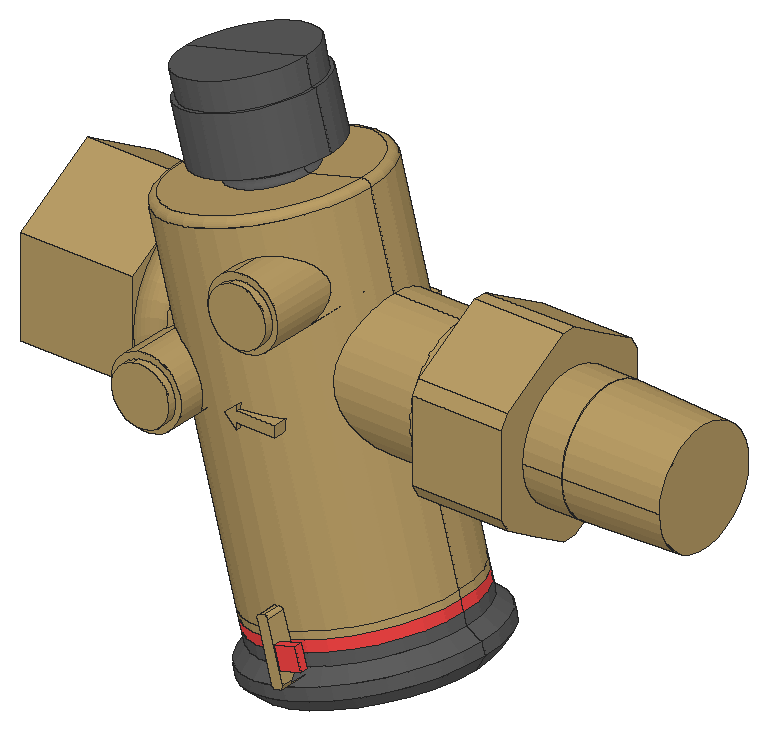
Revit family "M_Valve_Control_MEPcontent_Oventrop_Cocon QTZ Female-Coupling 1145", category Pipe Accessories, Revit 2015
Parameters (values of type "DN 32 (600-3600)")
  r3 = SW1_2 / 2 - Ra2  # 5.037 mm
  r2 = 2.000 mm  # constant formula
  r1 = Lb3 * 2 / 3  # 1.000 mm
  d3 = 8.000 mm  # constant formula
  d2 = 2.000 mm  # constant formula
  d1 = 5.000 mm  # constant formula
  Wholesaler Art. No. = ""
  Wholesaler = ""
  Watermarked By = "www.stabiplan.com"
  Use Nominal Diameter [instance] = yes
  built-in parameter 1114242 [instance] = 1
  URL = "www.stabiplan.com"
  Stabu Code = ""
  Revit Version = "2015"  # constant formula
  Product Line = "Oventrop"  # constant formula
  SW2_2 = SW1_2 / sqrt(3 / 4)  # 51.962 mm
  SW2_1_051 = SW2_1_05 - 1.000 mm  # 24.981 mm
  SW2_1_05 = SW2_1 / 2  # 25.981 mm
  SW2_1 = SW1_1 / sqrt(3 / 4)  # 51.962 mm
  SW1_2 = 45.000 mm
  SW1_1 = SW1_2  # 45.000 mm
  Rv4 = Rv1 - 1.000 mm  # 5.000 mm
  Rv3 = (Rv1 + Rv2) / 2  # 7.700 mm
  Rv2 = 9.400 mm  # constant formula
  Rv1 = 6.000 mm  # constant formula
  Red = Color RGB 255-0-0
  Rb5 = Rb4 + 1.000 mm  # 17.500 mm
  Rb4 = 16.500 mm  # constant formula
  Rb3 = 9.000 mm  # constant formula
  Rb2 = Rb1 + (Hb5 / 3)  # 30.158 mm
  Rb1b = Rb1 + 1.000 mm  # 27.825 mm
  Rb1 = (Height1 + Height2) * 18.500 mm / 100.000 mm  # 26.825 mm
  Ra2 = if(NominalDiameter1 > NominalDiameter2, (NominalDiameter1 * 22 / 20) / 2, (NominalDiameter2 * 22 / 20) / 2)  # 17.463 mm
  Ra1b = Ra1 - 1.000 mm  # 14.875 mm
  Ra1 = NominalRadius1  # 15.875 mm
  Pressure Drop = 0.0 Pa
  OuterRadius1 [instance] = OuterDiameter1 / 2  # 21.200 mm
  OuterDiameter1 = 42.400 mm
  NominalRadius2 = NominalRadius1  # 15.875 mm
  NominalRadius1 = 15.875 mm
  NominalRadius [instance] = if(Use Nominal Diameter, NominalRadius1, OuterRadius1)  # 15.875 mm
  NominalDiameter2 = NominalRadius2 * 2  # 31.750 mm
  NominalDiameter1 = NominalRadius1 * 2  # 31.750 mm
  Model = "Cocon QTZ Female-Coupling 1145"
  Manufacturer = "Oventrop"  # constant formula
  MEPcontent Class = "VALVE_CONTROL"  # constant formula
  Lb8 = Rb1 * 13 / 18.5  # 18.850 mm
  Lb3 = 1.500 mm  # constant formula
  Lb2 = 5.000 mm  # constant formula
  Lb1 = Rb1 / 2  # 13.413 mm
  Language = ""
  LMx = L5 + (Rb1 / sin(Angle)) + 1.000 mm  # 58.934 mm
  L5 = NominalDiameter2 * 19 / 20  # 30.163 mm
  L4 = NominalDiameter1 * 15 / 20  # 23.812 mm
  L3 = NominalDiameter1 * 16 / 20  # 25.400 mm
  Length2 = 165.000 mm
  L1_2 = Length1 + 5.000 mm  # 129.000 mm
  Length1 = 124.000 mm
  Internal Art. No. = ""
  IFCExportType = "REGULATING"
  IFCExportAs = "IfcValveType"
  Hb9 = 17.000 mm  # constant formula
  Hb8 = 2.000 mm  # constant formula
  Hb7 = 2.000 mm  # constant formula
  Hb6 = 6.000 mm  # constant formula
  Hb5 = 10.000 mm  # constant formula
  Hb4 = 5.000 mm  # constant formula
  Hb3 = 15.000 mm  # constant formula
  Hb2 = 7.000 mm  # constant formula
  Hb1 = (H4 - Hb2 - Hb3 - Hb4) / 2  # 18.400 mm
  H6 = 74.600 mm
  H5 = Rb1 / tan(Angle)  # 7.188 mm
  H4 = 63.800 mm
  H3 = Rb4 / tan(Angle)  # 4.421 mm
  Height2 = 79.000 mm
  Height1 = 66.000 mm
  GTIN = "4026755347579"
  Function Code [instance] = ""
  Family Version = "10.14"  # constant formula
  ETIM Article Class = "EC011435"
  EMCS Version = "2.0"  # constant formula
  Description = "Flow control valve - without pressure test points"  # constant formula
  Manufacturer URL = "http://www.oventrop.de/ArticleInfo.aspx?art=1145610"
  Custom = no
  Copyright = "© Stabiplan International BV"  # constant formula
  Content Supplier URL = "www.mepcontent.eu"
  CB-NL Class = ""
  Brass = Color RGB 168-128-48
  Black = Color RGB 35-35-35
  Article Type = "Cocon QTZ Female-Coupling 1145"  # constant formula
  Article Description = "Flow control valve - without pressure test points"  # constant formula
  Arrow_2 = Rb1 / 6  # 4.471 mm
  Arrow_1 = Rb1 / 4  # 6.706 mm
  Angle = 75.00°  # constant formula
  Manufacturer Art. No. = "1145610"
Types (7, lengths in mm): name | r3 | SW2_2 | SW2_1_051 | SW2_1_05 | SW2_1 | SW1_2 | SW1_1 | Rb2 | Rb1b | Rb1 | Ra2 | Ra1b | Ra1 | OuterRadius1 | OuterDiameter1 | NominalRadius2 | NominalRadius1 | NominalRadius | NominalDiameter2 | NominalDiameter1 | Lb8 | Lb1 | LMx | L5 | L4 | L3 | Length2 | L1_2 | Length1 | Hb1 | H6 | H5 | H4 | Height2 | Height1 | GTIN | Manufacturer URL | Arrow_2 | Arrow_1 | Manufacturer Art. No.
  DN 20 (150-1050) | 4.522 | 34.641 | 16.321 | 17.321 | 34.641 | 30.000 | 30.000 | 21.833 | 19.500 | 18.500 | 10.478 | 8.525 | 9.525 | 13.450 | 26.900 | 9.525 | 9.525 | 9.525 | 19.050 | 19.050 | 13.000 | 9.250 | 38.250 | 18.098 | 14.288 | 15.240 | 106.000 | 79.000 | 74.000 | 11.200 | 44.700 | 4.957 | 49.400 | 48.000 | 52.000 | "4026755347517" | "http://www.oventrop.de/ArticleInfo.aspx?art=1145506" | 3.083 | 4.625 | "1145506"
  DN 15 (30-210) | 5.015 | 27.713 | 12.856 | 13.856 | 27.713 | 24.000 | 24.000 | 21.833 | 19.500 | 18.500 | 6.985 | 5.350 | 6.350 | 10.650 | 21.300 | 6.350 | 6.350 | 6.350 | 12.700 | 12.700 | 13.000 | 9.250 | 32.218 | 12.065 | 9.525 | 10.160 | 98.500 | 75.000 | 70.000 | 11.200 | 44.700 | 4.957 | 49.400 | 48.000 | 52.000 | "4026755347500" | "http://www.oventrop.de/ArticleInfo.aspx?art=1145504" | 3.083 | 4.625 | "1145504"
  DN 20 (180-1300) | 4.522 | 34.641 | 16.321 | 17.321 | 34.641 | 30.000 | 30.000 | 24.146 | 21.813 | 20.813 | 10.478 | 8.525 | 9.525 | 13.450 | 26.900 | 9.525 | 9.525 | 9.525 | 19.050 | 19.050 | 14.625 | 10.406 | 40.644 | 18.098 | 14.288 | 15.240 | 117.500 | 90.500 | 85.500 | 14.300 | 50.900 | 5.577 | 55.600 | 54.500 | 58.000 | "4026755347555" | "http://www.oventrop.de/ArticleInfo.aspx?art=1145606" | 3.469 | 5.203 | "1145606"
  DN 25 (300-2000) | 4.030 | 41.569 | 19.785 | 20.785 | 41.569 | 36.000 | 36.000 | 30.158 | 27.825 | 26.825 | 13.970 | 11.700 | 12.700 | 16.850 | 33.700 | 12.700 | 12.700 | 12.700 | 25.400 | 25.400 | 18.850 | 13.413 | 52.901 | 24.130 | 19.050 | 20.320 | 154.000 | 123.000 | 118.000 | 18.400 | 74.600 | 7.188 | 63.800 | 79.000 | 66.000 | "4026755347562" | "http://www.oventrop.de/ArticleInfo.aspx?art=1145608" | 4.471 | 6.706 | "1145608"
  DN 32 (600-3600) | 5.037 | 51.962 | 24.981 | 25.981 | 51.962 | 45.000 | 45.000 | 30.158 | 27.825 | 26.825 | 17.463 | 14.875 | 15.875 | 21.200 | 42.400 | 15.875 | 15.875 | 15.875 | 31.750 | 31.750 | 18.850 | 13.413 | 58.934 | 30.163 | 23.812 | 25.400 | 165.000 | 129.000 | 124.000 | 18.400 | 74.600 | 7.188 | 63.800 | 79.000 | 66.000 | "4026755347579" | "http://www.oventrop.de/ArticleInfo.aspx?art=1145610" | 4.471 | 6.706 | "1145610"
  DN 15 (90-450) | 5.015 | 27.713 | 12.856 | 13.856 | 27.713 | 24.000 | 24.000 | 21.833 | 19.500 | 18.500 | 6.985 | 5.350 | 6.350 | 10.650 | 21.300 | 6.350 | 6.350 | 6.350 | 12.700 | 12.700 | 13.000 | 9.250 | 32.218 | 12.065 | 9.525 | 10.160 | 98.500 | 75.000 | 70.000 | 11.200 | 44.700 | 4.957 | 49.400 | 48.000 | 52.000 | "4026755347548" | "http://www.oventrop.de/ArticleInfo.aspx?art=1145604" | 3.083 | 4.625 | "1145604"
  DN 15 (150-1050) | 5.015 | 27.713 | 12.856 | 13.856 | 27.713 | 24.000 | 24.000 | 21.833 | 19.500 | 18.500 | 6.985 | 5.350 | 6.350 | 10.650 | 21.300 | 6.350 | 6.350 | 6.350 | 12.700 | 12.700 | 13.000 | 9.250 | 32.218 | 12.065 | 9.525 | 10.160 | 98.500 | 75.000 | 70.000 | 11.200 | 44.700 | 4.957 | 49.400 | 48.000 | 52.000 | "4026755347623" | "http://www.oventrop.de/ArticleInfo.aspx?art=1145704" | 3.083 | 4.625 | "1145704"
Reference planes
  plane 1 "Center (Front/Back)": y = 0
  plane 2: z = 0
  plane 3 "Center (Left/Right)": x = 0
  plane 4: x = 57.1
  plane 5: x = -82.5
  plane 6: x = 82.5
  plane 7: x = 46.5
  plane 8: x = -57.1
  plane 9: x = -52.338
  plane 10: x = -23.566
  plane 11: x = 22.688
  plane 12: y = 22.5
  plane 13: y = -22.5
  plane 14: z = 25.981
  plane 15: z = -25.981
  plane 16: y = 22.5
  plane 17: y = -22.5
  plane 18: z = 25.981
  plane 19: z = -25.981
  plane 20: z = 17.463
  plane 21: z = 22.5
  plane 22: x = -47.3
  plane 23: x = 17.65
  plane 24: y = -26.825
  plane 25: y = -31.825
  plane 26: y = -41.825
  plane 27: y = -49.825
  plane 28: y = -29.825
  plane 29: x = -30.272
  plane 30: x = -16.86
  plane 31: y = 27.825
  plane 32: x = -10.154
  plane 33: z = -7
  plane 34: x = -20.213
  plane 35: x = -13.507
  plane 36: y = -27.825
  plane 37: y = -51.825
  plane 38: y = -53.825
  plane 39: y = -33.825
  plane 40: x = -28.55
  plane 41: x = 28.55
  plane 42: z = 48.481
  plane 43: z = 70.981
  plane 44: y = 45
  plane 45: y = 67.5
Forms (mm)
  Blend 1, solid, material "Color RGB 168-128-48" <- "Brass", detail levels fine
    base sketch origin (0, 0, 0) x (0, 1, 0) y (0, 0, 1)
      loop
        circle (0, 0) r 15.875
    top sketch origin (0, 0, 0) x (0, 1, 0) y (0, 0, 1)
      loop
        circle (0, 0) r 14.875
    from 57.1 to 82.5
  Extrusion 2, solid, material "Color RGB 168-128-48" <- "Brass", detail levels fine
    sketch origin (0, 0, 0) x (0, 1, 0) y (0, 0, 1)
      loop
        circle (0, 0) r 15.875
    from 46.5 to 57.1
  Extrusion 3, solid, material "Color RGB 168-128-48" <- "Brass", detail levels fine
    sketch origin (0, 0, 0) x (0, 1, 0) y (0, 0, 1)
      loop
        circle (0, 0) r 17.463
    from -57.1 to -52.338
  Extrusion 4, solid, material "Color RGB 168-128-48" <- "Brass", detail levels fine
    sketch origin (0, 0, 0) x (0, 1, 0) y (0, 0, 1)
      loop
        line (0, 25.981) -> (-22.5, 12.99) -> (-22.5, -12.99) -> (0, -25.981) -> (22.5, -12.99) -> (22.5, 12.99) -> (0, 25.981)
    from 22.687 to 46.5
  Extrusion 5, void
    sketch origin (0, 0, 0) x (0, 1, 0) y (0, 0, 1)
      loop
        circle (0, 0) r 25.981
      loop
        circle (0, 0) r 24.981
    from 0 to 57.1
  Extrusion 6, solid, material "Color RGB 168-128-48" <- "Brass", detail levels fine
    sketch origin (0, 0, 0) x (0, 1, 0) y (0, 0, 1)
      loop
        line (0, 25.981) -> (-22.5, 12.99) -> (-22.5, -12.99) -> (0, -25.981) -> (22.5, -12.99) -> (22.5, 12.99) -> (0, 25.981)
    from -82.5 to -52.338
  Revolve 7, solid, material "Color RGB 35-35-35" <- "Black", detail levels fine
    sketch origin (-23.566, 0, 0) x (-0.258819, 0, 0.965926) y (-0.965926, 0, -0.258819)
      loop
        line (63.8, 0) -> (36.8, 0) -> (36.8, -10.667)
        arc (36.8, -10.667) -> (37.288, -9.488) -> (38.467, -9) r 1.667
        line (38.467, -9) -> (40.133, -9)
        arc (40.133, -9) -> (41.312, -9.488) -> (41.8, -10.667) r 1.667
        line (41.8, -10.667) -> (41.8, -17.5) -> (56.8, -17.5) -> (56.8, -16.5) -> (63.8, -16.5) -> (63.8, 0)
      axis (36.8, 0) -> (63.8, 0)
    angle from 0 to 360
  Revolve 8, solid, material "Color RGB 35-35-35" <- "Black", detail levels fine
    sketch origin (-23.566, 0, 0) x (-0.258819, 0, 0.965926) y (-0.965926, 0, -0.258819)
      loop
        line (-74.6, 0) -> (-74.6, -26.825) -> (-71.267, -30.158) -> (-67.933, -30.158) -> (-64.6, -26.825) -> (-61.6, -26.825) -> (-61.6, 0) -> (-74.6, 0)
      axis (-74.6, 0) -> (-61.6, 0)
    angle from 0 to 360
  Revolve 9, solid, material "Color RGB 255-0-0" <- "Red", detail levels fine
    sketch origin (-23.566, 0, 0) x (-0.258819, 0, 0.965926) y (-0.965926, 0, -0.258819)
      loop
        line (-61.6, 0) -> (-61.6, -26.825) -> (-58.6, -26.825) -> (-58.6, 0) -> (-61.6, 0)
      axis (-61.6, 0) -> (-58.6, 0)
    angle from 0 to 360
  Revolve 10, solid, material "Color RGB 168-128-48" <- "Brass", detail levels fine
    sketch origin (-23.566, 0, 0) x (-0.258819, 0, 0.965926) y (-0.965926, 0, -0.258819)
      loop
        line (-56.6, 0) -> (-58.6, 0) -> (-58.6, -26.825) -> (-56.6, -26.825) -> (-56.6, 0)
      axis (-58.6, 0) -> (-56.6, 0)
    angle from 0 to 360
  Revolve 11, solid, material "Color RGB 168-128-48" <- "Brass", detail levels fine
    sketch origin (-23.566, 0, 0) x (-0.258819, 0, 0.965926) y (-0.965926, 0, -0.258819)
      loop
        line (-56.6, 0) -> (-56.6, -26.825) -> (34.8, -26.825)
        arc (34.8, -26.825) -> (36.214, -26.239) -> (36.8, -24.825) r 2
        line (36.8, -24.825) -> (36.8, 0) -> (-56.6, 0)
      axis (-56.6, 0) -> (36.8, 0)
    angle from 0 to 360
  Revolve 12, solid, material "Color RGB 168-128-48" <- "Brass", detail levels fine
    sketch origin (0, 0, 0) x (1, 0, 0) y (0, 0, 1)
      loop
        line (-52.338, 22.5) -> (-57.1, 22.5) -> (-57.1, 0) -> (46.5, 0) -> (46.5, 22.5) -> (22.688, 22.5)
        arc (22.688, 22.5) -> (21.212, 18.938) -> (17.65, 17.463) r 5.037
        line (17.65, 17.463) -> (-47.3, 17.463)
        arc (-47.3, 17.463) -> (-50.862, 18.938) -> (-52.338, 22.5) r 5.038
      axis (-57.1, 0) -> (46.5, 0)
    angle from 0 to 360
  Extrusion 13, solid, material "Color RGB 168-128-48" <- "Brass", detail levels fine
    sketch origin (-23.566, 0, 0) x (-0.258819, 0, 0.965926) y (-0.965926, 0, -0.258819)
      loop
        circle (18.4, -13.412) r 9.4
      loop
        circle (-2, 18.85) r 9.4
    from 0 to 31.825
  Extrusion 14, solid, material "Color RGB 168-128-48" <- "Brass", detail levels fine
    sketch origin (-23.566, 0, 0) x (-0.258819, 0, 0.965926) y (-0.965926, 0, -0.258819)
      loop
        arc (-51.933, -1.5) -> (-51.226, -1.207) -> (-50.933, -0.5) r 1
        line (-50.933, -0.5) -> (-50.933, 0.5)
        arc (-50.933, 0.5) -> (-51.226, 1.207) -> (-51.933, 1.5) r 1
        line (-51.933, 1.5) -> (-66.933, 1.5)
        arc (-66.933, 1.5) -> (-67.64, 1.207) -> (-67.933, 0.5) r 1
        line (-67.933, 0.5) -> (-67.933, -0.5)
        arc (-67.933, -0.5) -> (-67.64, -1.207) -> (-66.933, -1.5) r 1
        line (-66.933, -1.5) -> (-51.933, -1.5)
    from 0 to 31.825
  Extrusion 15, solid, material "Color RGB 255-0-0" <- "Red", detail levels fine
    sketch origin (-23.566, 0, 0) x (-0.258819, 0, 0.965926) y (-0.965926, 0, -0.258819)
      loop
        line (-57.6, -1.5) -> (-63.6, -1.5) -> (-63.6, -7.329) -> (-57.6, -7.329) -> (-57.6, -1.5)
    from 29.825 to 31.825
  Extrusion 16, solid, material "Color RGB 168-128-48" <- "Brass", detail levels fine
    sketch origin (0, 0, 0) x (1, 0, 0) y (0, 0, 1)
      loop
        line (-10.154, 2.235) -> (-23.566, 2.235) -> (-23.566, 4.471) -> (-30.272, 0) -> (-23.566, -4.471) -> (-23.566, -2.235) -> (-10.154, -2.235) -> (-10.154, 2.235)
    from 0 to -27.825
  Extrusion 17, solid, material "Color RGB 168-128-48" <- "Brass", detail levels fine
    sketch origin (0, 0, 0) x (1, 0, 0) y (0, 0, 1)
      loop
        line (-23.566, -7) -> (-20.213, -9.981) -> (-20.213, -8.49) -> (-10.154, -8.49) -> (-10.154, -5.51) -> (-20.213, -5.51) -> (-20.213, -4.019) -> (-23.566, -7)
    from 0 to 27.825
  Extrusion 18, solid, material "Color RGB 168-128-48" <- "Brass", detail levels fine
    sketch origin (-23.566, 0, 0) x (-0.258819, 0, 0.965926) y (-0.965926, 0, -0.258819)
      loop
        circle (-2, 18.85) r 7.7
      loop
        circle (18.4, -13.413) r 7.7
    from 33.825 to 31.825
  Extrusion 19, void
    sketch origin (0, 0, 0) x (0, 1, 0) y (0, 0, 1)
      loop
        circle (0, 0) r 15.875
    from -57.1 to -82.5
Cuts and joins
  Extrusion 19 cuts Extrusion 3
  Extrusion 5, Extrusion 19 cuts Extrusion 4
  Extrusion 19 cuts Extrusion 6
  Extrusion 19 cuts Revolve 12
  joined: Extrusion 4, Extrusion 6, Revolve 12
  Extrusion 19 cuts Revolve 11
  Extrusion 19 cuts Extrusion 14
  Extrusion 19 cuts Extrusion 16
  Extrusion 19 cuts Extrusion 17
  joined: Revolve 11, Extrusion 14, Extrusion 16, Extrusion 17
  Extrusion 19 cuts Extrusion 13
Lines and regions (mm)
  reference lines
    curve 1: line (0, 45, 0) -> (0, 0, 25.981)
    curve 2: line (0, 0, -25.981) -> (0, -45, 0)
    curve 3: line (0, 0, 25.981) -> (0, -45, 0)
    curve 4: line (0, 45, 0) -> (0, 0, -25.981)
    curve 5: line (0, 0, 25.981) -> (0, -45, 0)
    curve 6: line (0, 0, -25.981) -> (0, 45, 0)
    curve 7: line (0, 0, 25.981) -> (0, 45, 0)
    curve 8: line (0, 0, -25.981) -> (0, -45, 0)
    curve 9: line (-23.566, 0, 0) -> (-45.566, 0, 82.104)
    curve 10: line (-23.566, 0, 0) -> (0.899, 0, -91.305)
    curve 11: line (-71.793, 0, 45.881) -> (-2.734, 0, 64.386)
    curve 12: line (1.148, 0, 49.897) -> (-67.911, 0, 31.392)
    curve 13: line (1.579, 0, 48.287) -> (-67.479, 0, 29.783)
    curve 14: line (2.011, 0, 46.677) -> (-67.048, 0, 28.173)
    curve 15: line (2.442, 0, 45.067) -> (-66.617, 0, 26.563)
    curve 16: line (7.204, 0, 27.294) -> (-61.854, 0, 8.79)
    curve 17: line (-4.546, 0, 71.147) -> (-73.605, 0, 52.643)
    curve 18: line (-42.443, 0, -63.655) -> (26.616, 0, -45.15)
    curve 19: line (-41.925, 0, -65.587) -> (27.134, 0, -47.082)
    curve 20: line (-41.149, 0, -68.484) -> (27.91, 0, -49.98)
    curve 21: line (-40.372, 0, -71.382) -> (28.686, 0, -52.878)
    curve 22: line (29.549, 0, -56.098) -> (-39.51, 0, -74.602)
    curve 23: line (31.275, 0, -62.537) -> (-37.784, 0, -81.041)
    curve 24: line (30.412, 0, -59.317) -> (-38.647, 0, -77.822)
    curve 25: line (-36.873, 0, 84.433) -> (-14.873, 0, 2.329)
    curve 26: line (-29.628, 0, 86.374) -> (-7.628, 0, 4.271)
    curve 27: line (-28.662, 0, 86.633) -> (-6.663, 0, 4.529)
    curve 28: line (2.345, 0, 6.943) -> (26.81, 0, -84.362)
    curve 29: line (5.564, 0, 7.806) -> (30.03, 0, -83.499)
    curve 30: line (-56.575, 0, -10.915) -> (12.484, 0, 7.589)
    curve 31: line (-43.7, 0, 2.309) -> (-40.299, 0, -10.383)
    curve 32: line (-15.089, 0, 20.183) -> (-9.136, 0, -2.033)
    curve 33: line (-10.228, 0, -43.982) -> (0.124, 0, -82.619)
    curve 34: line (-20.603, 0, -51.936) -> (-5.108, 0, -47.784)
    curve 35: line (-2.19, 0, -51.459) -> (1.552, 0, -65.426)
    curve 36: line (-42.184, 0, -64.621) -> (26.875, 0, -46.116)
  model lines, style "Accessories", detail levels coarse+medium
    curve 37: line (-57.1, 22.5, 0) -> (-57.1, -22.5, 0)
    curve 38: line (57.1, 22.5, 0) -> (57.1, -22.5, 0)
    curve 39: line (0, 0, 0) -> (0, 45, 0)
    curve 40: line (-28.55, 45, 0) -> (28.55, 45, 0)
    curve 41: line (28.55, 45, 0) -> (28.55, 67.5, 0)
    curve 42: line (28.55, 67.5, 0) -> (-28.55, 67.5, 0)
    curve 43: line (-28.55, 67.5, 0) -> (-28.55, 45, 0)
    curve 44: line (-57.1, 22.5, 0) -> (57.1, -22.5, 0)
    curve 45: line (57.1, 22.5, 0) -> (-57.1, -22.5, 0)
    curve 46: circle (0, 0, 0) r 15.875 normal (1, 0, 0)
    curve 47: line (-57.1, 0, 25.981) -> (-57.1, 0, -25.981)
    curve 48: line (57.1, 0, -25.981) -> (57.1, 0, 25.981)
    curve 49: line (0, 0, 48.481) -> (0, 0, 0)
    curve 50: line (-28.55, 0, 48.481) -> (28.55, 0, 48.481)
    curve 51: line (28.55, 0, 48.481) -> (28.55, 0, 70.981)
    curve 52: line (28.55, 0, 70.981) -> (-28.55, 0, 70.981)
    curve 53: line (-28.55, 0, 70.981) -> (-28.55, 0, 48.481)
    curve 54: line (-57.1, 0, 25.981) -> (57.1, 0, -25.981)
    curve 55: line (57.1, 0, 25.981) -> (-57.1, 0, -25.981)
Dimensions and locks
  "L3": plane 5 to plane 8
  "L3": plane 6 to plane 4
  "L5": plane 5 to plane 9
  "L1_2": plane 7 to plane 5
  "Length2": plane 6 to plane 5
  equal spacing: plane 4, plane 3 "Center (Left/Right)", plane 8
  "LMx": plane 5 to plane 10
  "L4": plane 7 to plane 11
  equal spacing: plane 14, level, plane 15
  "SW2_1": plane 14 to plane 15
  equal spacing: plane 12, plane 1 "Center (Front/Back)", plane 13
  "SW1_1": plane 12 to plane 13
  equal spacing: curve 2, plane 1 "Center (Front/Back)", curve 1
  "SW1_1": curve 2 to curve 1
  equal spacing: plane 18, level, plane 19
  "SW2_2": plane 19 to plane 18
  equal spacing: plane 16, plane 1 "Center (Front/Back)", plane 17
  "SW1_2": plane 16 to plane 17
  equal spacing: curve 6, plane 1 "Center (Front/Back)", curve 5
  "SW1_2": curve 5 to curve 6
  "Hb1": curve 16 to curve 10
  "H4": curve 17 to curve 10
  "Hb2": curve 17 to curve 11
  "Hb3": curve 12 to curve 11
  equal spacing: curve 12, curve 13, curve 14, curve 15
  "Hb4": curve 12 to curve 15
  "H6": curve 10 to curve 23
  "Hb5": curve 21 to curve 23
  equal spacing: curve 23, curve 24, curve 22, curve 21
  equal spacing: curve 21, curve 20, curve 19
  "Hb6": curve 21 to curve 19
  "Hb7": curve 19 to curve 18
  "Rb3": curve 25 to curve 9
  "Rb4": curve 26 to curve 9
  "Rb5": curve 27 to curve 9
  "Rb1": curve 28 to curve 9
  "Rb2": curve 29 to curve 9
  "Ra2": plane 20 to level
  "r3": plane 21 to plane 20
  "r3": plane 9 to plane 22
  "r3": plane 11 to plane 23
  "Hb8": curve 30 to curve 10
  "Lb8": curve 9 to curve 31
  "Lb1": curve 32 to curve 9
  "Rb1": plane 1 "Center (Front/Back)" to plane 24
  "d1": plane 24 to plane 25
  "d3": plane 39 to plane 26
  "d3": plane 26 to plane 27
  "Lb3": curve 33 to curve 9
  "Hb9": curve 22 to curve 34
  equal spacing: Extrusion 14 sketch curve, curve 10, curve 33
  equal spacing: curve 19, curve 36, curve 18
  "Hb6": Extrusion 15 sketch curve to curve 36
  "d2": plane 28 to plane 25
  locked: curve 16 to Extrusion 13 sketch curve
  locked: curve 31 to Extrusion 13 sketch curve at 0
  locked: Extrusion 13 sketch curve to curve 32 at 0
  "Arrow_1": plane 30 to plane 10
  "Arrow_1": Extrusion 16 sketch curve to Extrusion 16 sketch curve
  equal spacing: Extrusion 16 sketch curve, Extrusion 16 sketch curve, level, Extrusion 16 sketch curve, Extrusion 16 sketch curve
  "Rb1b": plane 31 to plane 1 "Center (Front/Back)"
  "Hb2": level to plane 33
  equal spacing: plane 32, plane 35, plane 30, plane 34, plane 10
  equal spacing: plane 30, plane 10, plane 29
  equal spacing: Extrusion 17 sketch curve, Extrusion 17 sketch curve, plane 33, Extrusion 17 sketch curve, Extrusion 17 sketch curve
  "Arrow_2": Extrusion 17 sketch curve to Extrusion 17 sketch curve
  "Rb1b": plane 1 "Center (Front/Back)" to plane 36
  "d2": plane 27 to plane 37
  "d2": plane 37 to plane 38
  "d2": plane 25 to plane 39
  locked: curve 30 to Extrusion 18 sketch curve at 0
  locked: curve 31 to Extrusion 18 sketch curve at 0
  locked: curve 32 to Extrusion 18 sketch curve at 0
  locked: curve 16 to Extrusion 18 sketch curve
  "SW1_1": plane 12 to plane 45
  equal spacing: plane 12, plane 44, plane 45
  "SW1_1": plane 43 to plane 14
  equal spacing: plane 43, plane 42, plane 14
  equal spacing: plane 41, plane 3 "Center (Left/Right)", plane 40, plane 8
  "Ra1": radius of Blend 1 sketch curve
  "Ra1b": radius of Blend 1 sketch curve
  "Ra1": radius of Extrusion 2 sketch curve
  "Ra2": radius of Extrusion 3 sketch curve
  "SW2_1_05": radius of Extrusion 5 sketch curve
  "SW2_1_051": radius of Extrusion 5 sketch curve
  "r2": radius of Revolve 11 sketch curve
  "Rv2": radius of Extrusion 13 sketch curve  (x2)
  "r1": radius of Extrusion 14 sketch curve  (x4)
  "Rv3": radius of Extrusion 18 sketch curve  (x2)
  "NominalRadius1": radius of curve 46
  "NominalRadius": radius of Extrusion 19 sketch curve
  "Angle": angle curve 9 to level
  locked: curve 11 to curve 9 (angle 90.00°)
  aligned and locked: level to plane 2
  aligned and locked: plane 6 to Blend 1
  aligned and locked: Blend 1 to plane 4
  aligned and locked: Extrusion 2 to plane 7
  aligned and locked: plane 4 to Extrusion 2
  aligned and locked: level to curve 1
  aligned and locked: plane 1 "Center (Front/Back)" to curve 1
  aligned and locked: Extrusion 4 sketch curve to curve 3
  aligned and locked: plane 13 to Extrusion 4 sketch curve
  aligned and locked: Extrusion 4 sketch curve to curve 2
  aligned and locked: Extrusion 4 sketch curve to curve 4
  aligned and locked: Extrusion 4 sketch curve to plane 12
  aligned and locked: curve 1 to Extrusion 4 sketch curve
  aligned and locked: plane 7 to Extrusion 4
  aligned and locked: Extrusion 4 to plane 11
  aligned and locked: plane 4 to Extrusion 5
  aligned and locked: Extrusion 5 to plane 3 "Center (Left/Right)"
  aligned and locked: plane 18 to curve 5
  aligned and locked: level to curve 5
  aligned and locked: Extrusion 6 sketch curve to curve 5
  aligned and locked: plane 17 to Extrusion 6 sketch curve
  aligned and locked: Extrusion 6 sketch curve to curve 8
  aligned and locked: Extrusion 6 sketch curve to curve 6
  aligned and locked: Extrusion 6 sketch curve to plane 16
  aligned and locked: Extrusion 6 sketch curve to curve 7
  aligned and locked: plane 5 to Extrusion 6
  aligned and locked: Extrusion 6 to plane 9
  aligned and locked: Extrusion 3 to plane 8
  aligned and locked: plane 10 to curve 9
  aligned and locked: plane 2 to curve 9
  aligned and locked: curve 10 to curve 9
  aligned and locked: curve 12 to curve 11  (x2)
  aligned and locked: curve 13 to curve 11  (x2)
  aligned and locked: curve 14 to curve 11  (x2)
  aligned and locked: curve 15 to curve 11  (x2)
  aligned and locked: curve 16 to curve 11  (x2)
  aligned and locked: curve 11 to curve 17  (x2)
  aligned and locked: curve 18 to curve 11  (x2)
  aligned and locked: curve 19 to curve 11  (x2)
  aligned and locked: curve 20 to curve 11  (x2)
  aligned and locked: curve 21 to curve 11  (x2)
  aligned and locked: curve 22 to curve 11  (x2)
  aligned and locked: curve 23 to curve 11  (x2)
  aligned and locked: curve 24 to curve 11  (x2)
  aligned and locked: curve 25 to curve 9  (x2)
  aligned and locked: curve 26 to curve 9  (x2)
  aligned and locked: curve 27 to curve 9  (x2)
  aligned and locked: Revolve 7 sketch curve to curve 17
  aligned and locked: curve 26 to Revolve 7 sketch curve
  aligned and locked: curve 11 to Revolve 7 sketch curve
  aligned and locked: curve 27 to Revolve 7 sketch curve
  aligned and locked: curve 12 to Revolve 7 sketch curve
  aligned and locked: curve 13 to Revolve 7 sketch curve
  aligned and locked: curve 14 to Revolve 7 sketch curve
  aligned and locked: curve 25 to Revolve 7 sketch curve
  aligned and locked: Revolve 7 sketch curve to curve 15
  aligned and locked: curve 9 to Revolve 7 sketch curve  (x2)
  aligned and locked: curve 28 to curve 9
  aligned and locked: curve 10 to curve 28
  aligned and locked: curve 29 to curve 9
  aligned and locked: curve 10 to curve 29
  aligned and locked: curve 28 to Revolve 8 sketch curve
  aligned and locked: Revolve 8 sketch curve to curve 23
  aligned and locked: curve 24 to Revolve 8 sketch curve
  aligned and locked: curve 22 to Revolve 8 sketch curve
  aligned and locked: Revolve 8 sketch curve to curve 29
  aligned and locked: Revolve 8 sketch curve to curve 9
  aligned and locked: curve 20 to Revolve 9 sketch curve
  aligned and locked: Revolve 9 sketch curve to curve 28
  aligned and locked: Revolve 9 sketch curve to curve 19
  aligned and locked: curve 10 to Revolve 9 sketch curve
  aligned and locked: Revolve 9 sketch curve to curve 9
  aligned and locked: curve 21 to Revolve 8 sketch curve
  aligned and locked: Revolve 8 sketch curve to curve 28
  aligned and locked: Revolve 8 sketch curve to curve 20
  aligned and locked: curve 10 to Revolve 8 sketch curve
  aligned and locked: curve 18 to Revolve 10 sketch curve
  aligned and locked: curve 28 to Revolve 10 sketch curve
  aligned and locked: Revolve 10 sketch curve to curve 19
  aligned and locked: Revolve 10 sketch curve to curve 10
  aligned and locked: Revolve 10 sketch curve to curve 9
  aligned and locked: curve 18 to Revolve 11 sketch curve
  aligned and locked: Revolve 11 sketch curve to curve 10
  aligned and locked: Revolve 11 sketch curve to curve 28
  aligned and locked: curve 15 to Revolve 11 sketch curve
  aligned and locked: Revolve 11 sketch curve to curve 9
  aligned and locked: Extrusion 3 to plane 9
  aligned and locked: plane 9 to Revolve 12 sketch curve
  aligned and locked: plane 21 to Revolve 12 sketch curve
  aligned and locked: plane 22 to Revolve 12 sketch curve
  aligned and locked: Revolve 12 sketch curve to plane 20
  aligned and locked: plane 11 to Revolve 12 sketch curve
  aligned and locked: Revolve 12 sketch curve to plane 21
  aligned and locked: Revolve 12 sketch curve to plane 7
  aligned and locked: plane 2 to Revolve 12 sketch curve
  aligned and locked: plane 8 to Revolve 12 sketch curve
  aligned and locked: Revolve 12 sketch curve to level
  aligned and locked: curve 30 to curve 11  (x2)
  aligned and locked: curve 33 to Extrusion 14 sketch curve
  aligned and locked: curve 22 to Extrusion 14 sketch curve
  aligned and locked: curve 34 to Extrusion 14 sketch curve
  aligned and locked: Extrusion 14 to plane 25
  aligned and locked: curve 12 to curve 36
  aligned and locked: curve 36 to curve 11
  aligned and locked: curve 36 to Extrusion 15 sketch curve
  aligned and locked: curve 35 to Extrusion 15 sketch curve
  aligned and locked: Extrusion 15 sketch curve to curve 33
  aligned and locked: Extrusion 15 to plane 25
  aligned and locked: plane 28 to Extrusion 15
  aligned and locked: plane 25 to Extrusion 13
  aligned and locked: plane 10 to Extrusion 16 sketch curve
  aligned and locked: plane 29 to Extrusion 16 sketch curve
  aligned and locked: plane 2 to Extrusion 16 sketch curve
  aligned and locked: Extrusion 16 sketch curve to plane 10
  aligned and locked: Extrusion 16 to plane 31
  aligned and locked: Extrusion 16 sketch curve to plane 32
  aligned and locked: plane 10 to Extrusion 17 sketch curve
  aligned and locked: Extrusion 17 sketch curve to plane 32
  aligned and locked: Extrusion 17 sketch curve to plane 34
  aligned and locked: plane 34 to Extrusion 17 sketch curve
  aligned and locked: plane 33 to Extrusion 17 sketch curve
  aligned and locked: plane 36 to Extrusion 17
  aligned and locked: Extrusion 18 to plane 25
  aligned and locked: Extrusion 18 to plane 39
  aligned and locked: plane 12 to curve 37
  aligned and locked: plane 13 to curve 37
  aligned and locked: curve 37 to plane 8
  aligned and locked: plane 12 to curve 38
  aligned and locked: plane 13 to curve 38
  aligned and locked: curve 38 to plane 4
  aligned and locked: plane 1 "Center (Front/Back)" to curve 39
  aligned and locked: plane 44 to curve 39
  aligned and locked: plane 3 "Center (Left/Right)" to curve 39
  aligned and locked: curve 40 to plane 44
  aligned and locked: curve 41 to plane 41
  aligned and locked: curve 42 to plane 45
  aligned and locked: curve 43 to plane 40
  aligned and locked: plane 14 to curve 47
  aligned and locked: plane 15 to curve 47
  aligned and locked: curve 47 to plane 8
  aligned and locked: plane 15 to curve 48
  aligned and locked: plane 14 to curve 48
  aligned and locked: plane 4 to curve 48
  aligned and locked: plane 42 to curve 49
  aligned and locked: plane 2 to curve 49
  aligned and locked: curve 49 to plane 3 "Center (Left/Right)"
  aligned and locked: curve 50 to plane 42
  aligned and locked: curve 51 to plane 41
  aligned and locked: curve 52 to plane 43
  aligned and locked: curve 53 to plane 40
  aligned and locked: plane 8 to Extrusion 19
Automatic sketch dimensions
  Revolve 9 sketch curve to curve 9 = 0.000 mm  (x2)
  Revolve 8 sketch curve to curve 9 = 0.000 mm  (x2)
  Revolve 10 sketch curve to curve 9 = 0.000 mm  (x2)
  curve 9 to Revolve 7 sketch curve = 34.579 mm
  Revolve 7 sketch curve to curve 9 = 0.000 mm
  plane 5 to Revolve 12 sketch curve = 1298.990 mm
  plane 6 to Revolve 12 sketch curve = 1845.983 mm
  Revolve 7 sketch curve to Revolve 7 sketch curve = 6.833 mm
  Revolve 7 sketch curve to Revolve 7 sketch curve = 0.000 mm
  curve 46 to level = 0.000 mm
  curve 46 to plane 1 "Center (Front/Back)" = 0.000 mm
  Blend 1 sketch curve to level = 0.000 mm  (x2)
  Blend 1 sketch curve to plane 1 "Center (Front/Back)" = 0.000 mm  (x2)
  Extrusion 2 sketch curve to level = 0.000 mm
  Extrusion 2 sketch curve to plane 1 "Center (Front/Back)" = 0.000 mm
  Extrusion 3 sketch curve to level = 0.000 mm
  Extrusion 3 sketch curve to plane 1 "Center (Front/Back)" = 0.000 mm
  Extrusion 5 sketch curve to Extrusion 5 sketch curve = 0.000 mm  (x2)
  Extrusion 5 sketch curve to level = 0.000 mm
  Extrusion 5 sketch curve to plane 1 "Center (Front/Back)" = 0.000 mm
  curve 10 to curve 9 = 0.000 mm
  curve 33 to curve 34 = 35.002 mm
  curve 29 to curve 23 = 19.926 mm
  curve 9 to curve 35 = 7.329 mm
  curve 33 to curve 35 = 16.237 mm
  curve 35 to curve 34 = 4.304 mm
  curve 34 to curve 33 = 4.998 mm
  curve 31 to curve 9 = 5.699 mm
  curve 32 to curve 9 = 5.699 mm
  curve 9 to curve 31 = 7.442 mm
  curve 9 to curve 32 = 17.302 mm
  curve 30 to curve 9 = 36.786 mm
  curve 35 to curve 34 = 1.867 mm
  curve 34 to curve 9 = 10.579 mm
  Revolve 11 sketch curve to curve 9 = 0.000 mm  (x2)
  Extrusion 13 sketch curve to curve 9 = 2.000 mm
  Extrusion 19 sketch curve to level = 0.000 mm
  Extrusion 19 sketch curve to plane 1 "Center (Front/Back)" = 0.000 mm
Connectors
  piping at (57.1, 0, 0), diameter 31.75, driven by "NominalRadius"
    settings: on Extrusion 2, index 1, connector inside diameter 12.700 mm, connector length 0.000 mm, flow factor 0, pipe flow 0.0 L/s, pressure drop 0.0 Pa, fitting loss kfactor 0, connector angle 0.00°, fixture units 0, engagement length 0.000 mm, angle of deflection 0.00°, flow configuration 0, flow direction 1, fitting loss method 4, system type 29, joint type 0, gender type 0, connector reference index 2, connector utility 0, adjustable connector no, is connector primary yes, connector description "Global In"
  piping at (-57.1, 0, 0), diameter 31.75, driven by "NominalRadius", driven by "Pressure Drop"
    settings: on cut or joined group of Extrusion 3, Extrusion 19, index 2, connector inside diameter 12.700 mm, connector length 0.000 mm, flow factor 0, pipe flow 0.0 L/s, pressure drop 0.0 Pa, fitting loss kfactor 0, connector angle 0.00°, fixture units 0, engagement length 0.000 mm, angle of deflection 0.00°, flow configuration 0, flow direction 2, fitting loss method 4, system type 29, joint type 0, gender type 0, connector reference index 1, connector utility 0, adjustable connector no, is connector primary no, connector description "Global Out"
